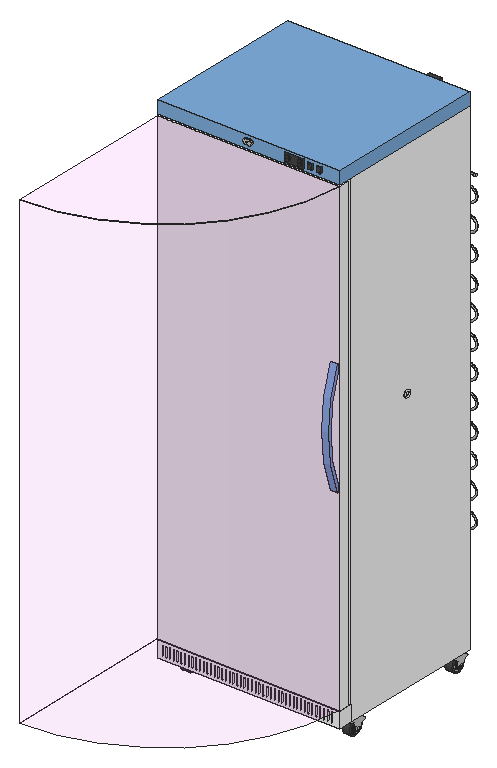
Revit family "QF_Summit_ARS18PV_Pharma_Vac_All_Refrigerator", category Specialty Equipment, Revit 2020 (continued)
Automatic sketch dimensions
  Split face 5 sketch curve to Split face 5 sketch curve = 0.03341"
  Split face 5 sketch curve to Split face 5 sketch curve = 0.02357"
  Split face 5 sketch curve to Split face 5 sketch curve = 0.02858"
  Split face 5 sketch curve to Split face 5 sketch curve = 0.04277"
  Split face 5 sketch curve to Split face 5 sketch curve = 0.00063"
  Split face 5 sketch curve to Split face 5 sketch curve = 0.02096"
  Split face 5 sketch curve to Split face 5 sketch curve = 0.02263"
  Split face 5 sketch curve to Split face 5 sketch curve = 0.02829"
  Split face 5 sketch curve to Split face 5 sketch curve = 0.05231"
  Split face 5 sketch curve to Split face 5 sketch curve = 0.02169"
  Split face 5 sketch curve to Split face 5 sketch curve = 0.02759"
  Split face 5 sketch curve to Split face 5 sketch curve = 0.00044"
  Split face 5 sketch curve to Split face 5 sketch curve = 0.05698"
  Split face 5 sketch curve to Split face 5 sketch curve = 0.02956"
  Split face 5 sketch curve to Split face 5 sketch curve = 0.01975"
  Split face 5 sketch curve to Split face 5 sketch curve = 0.03754"
  Split face 5 sketch curve to Split face 5 sketch curve = 0"  (x5)
  Split face 5 sketch curve to Split face 5 sketch curve = 0.0171"
  Split face 5 sketch curve to Split face 5 sketch curve = 0.12547"
  Split face 5 sketch curve to Split face 5 sketch curve = 0.03468"
  Split face 6 sketch curve to Extrusion 2 = 0.84328"
  Split face 6 sketch curve to Extrusion 2 = 3.51723"
  Split face 7 sketch curve to Extrusion 2 = 0.83375"
  Split face 7 sketch curve to Extrusion 2 = 3.9256"
  Split face 7 sketch curve to Split face 7 sketch curve = 0.02781"
  Split face 7 sketch curve to Split face 7 sketch curve = 0.03195"
  Split face 7 sketch curve to Split face 7 sketch curve = 0.05651"
  Split face 7 sketch curve to Split face 7 sketch curve = 0.0705"
  Split face 7 sketch curve to Split face 7 sketch curve = 0.0326"
  Split face 7 sketch curve to Split face 7 sketch curve = 0.03942"
  Split face 7 sketch curve to Extrusion 2 = 0.47311"
  Split face 8 sketch curve to Extrusion 2 = 0.47576"
  Split face 8 sketch curve to Extrusion 2 = 4.45929"
  Split face 8 sketch curve to Split face 8 sketch curve = 0.03195"
  Split face 8 sketch curve to Split face 8 sketch curve = 0.03942"
  Split face 8 sketch curve to Split face 8 sketch curve = 0.06686"
  Split face 8 sketch curve to Split face 8 sketch curve = 0.06108"
  Split face 8 sketch curve to Split face 8 sketch curve = 0.00386"
  Split face 8 sketch curve to Split face 8 sketch curve = 0.0281"
  Split face 8 sketch curve to Split face 8 sketch curve = 0.03736"
  Split face 8 sketch curve to Split face 8 sketch curve = 0.01483"
  Split face 8 sketch curve to Split face 8 sketch curve = 0.04944"
  Split face 8 sketch curve to Split face 8 sketch curve = 0.07229"
  Split face 8 sketch curve to Split face 8 sketch curve = 0.07649"
  Split face 8 sketch curve to Split face 8 sketch curve = 0.16571"
  Split face 8 sketch curve to Split face 8 sketch curve = 0.11591"
  Split face 8 sketch curve to Split face 8 sketch curve = 0.09007"
  Split face 8 sketch curve to Split face 8 sketch curve = 0.05683"
  Split face 8 sketch curve to Split face 8 sketch curve = 0.18959"
  Split face 8 sketch curve to Split face 8 sketch curve = 0.02222"
  Split face 8 sketch curve to Split face 8 sketch curve = 0.0095"
  Split face 8 sketch curve to Split face 8 sketch curve = 0.02188"
  Split face 8 sketch curve to Split face 8 sketch curve = 0"
  Split face 8 sketch curve to Split face 8 sketch curve = 0.02021"
  Split face 8 sketch curve to Split face 8 sketch curve = 0.1054"
  Extrusion 11 sketch curve to Extrusion 1 = 1.88463"  (x5)
  Extrusion 11 sketch curve to Extrusion 1 = 1.81758"  (x5)
  Extrusion 11 sketch curve to Extrusion 1 = 60 7/8"
  Extrusion 11 sketch curve to Extrusion 11 sketch curve = 0"
  Extrusion 11 sketch curve to Extrusion 11 sketch curve = 12"  (x4)
  Extrusion 11 sketch curve to Extrusion 11 sketch curve = 12.01625"  (x2)
  Extrusion 11 sketch curve to Extrusion 11 sketch curve = 9.98375"  (x2)
  Extrusion 12 sketch curve to Extrusion 12 sketch curve = 0"  (x2)
  Extrusion 1 to Extrusion 12 sketch curve = 10 3/8"
  Extrusion 12 sketch curve to Extrusion 1 = 37 5/8"
  Extrusion 2 to Extrusion 13 sketch curve = 1/4"  (x2)
  Extrusion 13 sketch curve to Extrusion 2 = 6 3/4"
  Extrusion 13 sketch curve to Extrusion 13 sketch curve = 1 3/4"
  Extrusion 14 sketch curve to plane 4 "RIGHT" = 0"
  plane 5 "FRONT" to Extrusion 14 sketch curve = 0"
  plane 4 "RIGHT" to Extrusion 14 sketch curve = 0.04959"
  Extrusion 14 sketch curve to plane 3 "LEFT" = 0.00218"
  Extrusion 14 sketch curve to plane 13 = 0.61036"
  Split face 9 sketch curve to Extrusion 2 = 0.77404"
  Split face 9 sketch curve to Extrusion 2 = 2.1833"
  Split face 9 sketch curve to Split face 9 sketch curve = 0.00447"
  Split face 9 sketch curve to Split face 9 sketch curve = 0.02913"
  Split face 9 sketch curve to Split face 9 sketch curve = 0.06885"
  Split face 9 sketch curve to Split face 9 sketch curve = 0.05632"
  Split face 9 sketch curve to Split face 9 sketch curve = 0.04342"
  Split face 9 sketch curve to Split face 9 sketch curve = 0.04721"
  Split face 9 sketch curve to Split face 9 sketch curve = 0.049"
  Split face 9 sketch curve to Split face 9 sketch curve = 0.02401"
  Split face 9 sketch curve to Split face 9 sketch curve = 0.00357"
  Split face 9 sketch curve to Split face 9 sketch curve = 0.00602"
  Split face 9 sketch curve to Split face 9 sketch curve = 0.03286"
  Split face 9 sketch curve to Split face 9 sketch curve = 0.00635"
  Split face 9 sketch curve to Split face 9 sketch curve = 0.04385"
  Split face 9 sketch curve to Split face 9 sketch curve = 0.03341"
  Split face 9 sketch curve to Split face 9 sketch curve = 0.02357"
  Split face 9 sketch curve to Split face 9 sketch curve = 0.02858"
  Split face 9 sketch curve to Split face 9 sketch curve = 0.04277"
  Split face 9 sketch curve to Split face 9 sketch curve = 0.00063"
  Split face 9 sketch curve to Split face 9 sketch curve = 0.02096"
  Split face 9 sketch curve to Split face 9 sketch curve = 0.02263"
  Split face 9 sketch curve to Split face 9 sketch curve = 0.02829"
  Split face 9 sketch curve to Split face 9 sketch curve = 0.05231"
  Split face 9 sketch curve to Split face 9 sketch curve = 0.02169"
  Split face 9 sketch curve to Split face 9 sketch curve = 0.02759"
  Split face 9 sketch curve to Split face 9 sketch curve = 0.00044"
  Split face 9 sketch curve to Split face 9 sketch curve = 0.05698"
  Split face 9 sketch curve to Split face 9 sketch curve = 0.02956"
  Split face 9 sketch curve to Split face 9 sketch curve = 0.01975"
  Split face 9 sketch curve to Split face 9 sketch curve = 0.03754"
  Split face 9 sketch curve to Split face 9 sketch curve = 0"  (x5)
  Split face 9 sketch curve to Split face 9 sketch curve = 0.0171"
  Split face 9 sketch curve to Split face 9 sketch curve = 0.12547"
  Split face 9 sketch curve to Split face 9 sketch curve = 0.03468"
  Extrusion 10 to Split face 10 sketch curve = 0.01468"
  Extrusion 10 to Split face 10 sketch curve = 0.18593"
  Extrusion 15 sketch curve to Extrusion 1 = 0"  (x4)
  Extrusion 15 sketch curve to Extrusion 1 = 1/16"
  Extrusion 1 to Extrusion 15 sketch curve = 1/16"  (x3)
  Extrusion 16 sketch curve to Extrusion 15 = 0"  (x4)
  Extrusion 15 to Extrusion 16 sketch curve = 13/32"  (x5)
  Extrusion 15 to Extrusion 16 sketch curve = 15/16"
  Extrusion 16 sketch curve to Extrusion 16 sketch curve = 3/32"  (x46)
  Extrusion 16 sketch curve to Extrusion 16 sketch curve = 3/8"  (x42)
  Extrusion 16 sketch curve to Extrusion 16 sketch curve = 15/32"  (x3)
  Extrusion 16 sketch curve to Extrusion 16 sketch curve = 0"  (x85)
  Extrusion 15 to Extrusion 16 sketch curve = 17/32"  (x2)
  Split face 11 sketch curve to Extrusion 2 = 0.69981"
  Split face 11 sketch curve to Extrusion 2 = 4.22664"
  Split face 11 sketch curve to Split face 11 sketch curve = 0.1447"
  Extrusion 17 sketch curve to plane 5 "FRONT" = 0"  (x2)
  plane 8 "Center X" to Extrusion 17 sketch curve = 5.50774"
  Extrusion 17 sketch curve to Extrusion 17 sketch curve = 2.49224"
  plane 9 "Base Height" to Extrusion 17 sketch curve = 31 7/8"
  Extrusion 17 sketch curve to Extrusion 17 sketch curve = 1 1/4"
  Extrusion 17 sketch curve to Extrusion 17 sketch curve = 7 1/2"
  Extrusion 17 sketch curve to Extrusion 17 sketch curve = 0"
  Extrusion 1 to Extrusion 18 sketch curve = 0"
  Extrusion 18 sketch curve to Extrusion 1 = 0"  (x3)
  Extrusion 18 sketch curve to Extrusion 18 sketch curve = 5"
  Extrusion 1 to Extrusion 18 sketch curve = 10 1/8"
  Extrusion 1 to Extrusion 18 sketch curve = 3 5/8"
  Extrusion 18 sketch curve to Extrusion 1 = 1 3/4"
  Extrusion 18 sketch curve to Extrusion 1 = 8 1/4"
  Extrusion 18 sketch curve to Extrusion 18 sketch curve = 7"
  Extrusion 18 sketch curve to Extrusion 18 sketch curve = 8"
  Extrusion 19 sketch curve to Extrusion 1 = 0"  (x4)
  Extrusion 1 to Extrusion 19 sketch curve = 0"  (x2)
  Extrusion 19 sketch curve to Extrusion 19 sketch curve = 1 11/16"  (x2)
  Extrusion 20 sketch curve to Extrusion 3 = 1/2"  (x4)
  Extrusion 20 sketch curve to Extrusion 20 sketch curve = 1/2"  (x2)
  Extrusion 20 sketch curve to Extrusion 3 = 1"  (x2)
  Split face 12 sketch curve to Extrusion 2 = 0.83997"
  Split face 12 sketch curve to Extrusion 2 = 3.64781"
  Split face 12 sketch curve to Extrusion 2 = 0.7258"
  Split face 12 sketch curve to Split face 12 sketch curve = 0.06553"  (x2)
  Split face 12 sketch curve to Extrusion 2 = 0.87779"
  Split face 12 sketch curve to Extrusion 2 = 0.76415"
  Split face 12 sketch curve to Split face 12 sketch curve = 0.06283"
  Split face 12 sketch curve to Extrusion 2 = 0.91058"
  Split face 12 sketch curve to Split face 12 sketch curve = 0.06491"
  Split face 12 sketch curve to Split face 12 sketch curve = 0.06473"
  Split face 12 sketch curve to Extrusion 2 = 0.7991"
  Split face 12 sketch curve to Split face 12 sketch curve = 0.06777"
  Split face 12 sketch curve to Extrusion 2 = 0.7276"
  Split face 12 sketch curve to Split face 12 sketch curve = 0.00013"
  Split face 12 sketch curve to Extrusion 2 = 0.83901"
  Split face 12 sketch curve to Split face 12 sketch curve = 0.06536"
  Split face 12 sketch curve to Split face 12 sketch curve = 0.03528"
  Split face 12 sketch curve to Split face 12 sketch curve = 0.03387"
  Split face 12 sketch curve to Split face 12 sketch curve = 0.07234"
  Split face 12 sketch curve to Split face 12 sketch curve = 0.07543"
  plane 17 to Sweep 21 sketch curve = 0"
  Sweep 21 sketch curve to plane 18 = 0"
  plane 17 to Sweep 21 sketch curve = 0.95416"
  plane 17 to Sweep 21 sketch curve = 0.98532"
  plane 17 to Sweep 21 sketch curve = 0.99524"
  plane 17 to Sweep 21 sketch curve = 0.9955"
  plane 17 to Sweep 21 sketch curve = 0.99909"
  plane 17 to Sweep 21 sketch curve = 1"
  plane 17 to Sweep 21 sketch curve = 1.00025"
  plane 17 to Sweep 21 sketch curve = 1.0125"
  plane 17 to Sweep 21 sketch curve = 1.01275"
  plane 17 to Sweep 21 sketch curve = 1.01663"
  plane 17 to Sweep 21 sketch curve = 1.03006"
  plane 17 to Sweep 21 sketch curve = 1.06016"
  Sweep 21 sketch curve to plane 18 = 1.09407"
  Sweep 21 sketch curve to plane 18 = 1.06457"
  Sweep 21 sketch curve to plane 18 = 1.03401"
  Sweep 21 sketch curve to plane 18 = 1.01809"
  Sweep 21 sketch curve to plane 18 = 1.01668"
  Sweep 21 sketch curve to plane 18 = 1.01609"
  Sweep 21 sketch curve to plane 18 = 1.0159"
  Sweep 21 sketch curve to plane 18 = 1.01065"
  Sweep 21 sketch curve to plane 18 = 1.00037"
  Sweep 21 sketch curve to plane 18 = 1"
  Sweep 21 sketch curve to plane 18 = 0.99956"
  Sweep 21 sketch curve to plane 18 = 0.9852"
  plane 9 "Base Height" to Sweep 21 sketch curve = 15.5483"
  Sweep 21 sketch curve to Sweep 21 sketch curve = 1"  (x23)
  Sweep 21 sketch curve to Sweep 21 sketch curve = 1.06206"
  Sweep 21 sketch curve to profile plane = 3/32"
  profile plane to Sweep 21 sketch curve = 3/32"
  Extrusion 22 sketch curve to plane 3 "LEFT" = 0"
  plane 5 "FRONT" to Extrusion 22 sketch curve = 0"
  Extrusion 22 sketch curve to plane 3 "LEFT" = 0.04959"
  plane 4 "RIGHT" to Extrusion 22 sketch curve = 0.00218"
  plane 13 to Extrusion 22 sketch curve = 0.61036"
  Extrusion 23 sketch curve to plane 5 "FRONT" = 0"  (x2)
  plane 8 "Center X" to Extrusion 23 sketch curve = 5.50774"
  Extrusion 23 sketch curve to Extrusion 23 sketch curve = 2.49224"
  plane 15 to Extrusion 23 sketch curve = 24"
  Extrusion 23 sketch curve to Extrusion 23 sketch curve = 1 1/4"
  Extrusion 23 sketch curve to Extrusion 23 sketch curve = 7 1/2"
  Extrusion 23 sketch curve to Extrusion 23 sketch curve = 0"
  radius of Extrusion 4 sketch curve = 1/4"
  radius of Split face 6 sketch curve = 0.26828"
  radius of Extrusion 11 sketch curve = 1/4"  (x10)
  radius of Extrusion 12 sketch curve = 1/2"
  radius of Extrusion 12 sketch curve = 13/32"
  radius of Split face 10 sketch curve = 0.18692"
  radius of Sweep 21 sketch curve = 3/32"
Nested families (in)
  nested 1: "3 INCHES 01_CASTER" at (26.00804, -3, 0), type "3 INCHES 01_CASTER"
    with Type Mark "", Specification by User "", Revision Code "", Item Number "", Installed By "", Identify Quantity as Lot yes, Furnished By "", Foodservice Equipment Identifier yes, 3 Inches Caster yes
  nested 2: "3 INCHES 01_CASTER" at (1.49196, -3, 0), type "3 INCHES 01_CASTER"
    with Type Mark "", Specification by User "", Revision Code "", Item Number "", Installed By "", Identify Quantity as Lot yes, Furnished By "", Foodservice Equipment Identifier yes, 3 Inches Caster yes
  nested 3: "3 INCHES 01_CASTER" at (26.00804, -22.375, 0), type "3 INCHES 01_CASTER"
    with Type Mark "", Specification by User "", Revision Code "", Item Number "", Installed By "", Identify Quantity as Lot yes, Furnished By "", Foodservice Equipment Identifier yes, 3 Inches Caster yes
  nested 4: "3 INCHES 01_CASTER" at (1.49196, -22.375, 0), type "3 INCHES 01_CASTER"
    with Type Mark "", Specification by User "", Revision Code "", Item Number "", Installed By "", Identify Quantity as Lot yes, Furnished By "", Foodservice Equipment Identifier yes, 3 Inches Caster yes
Connectors (in)
  electrical at (24.97907, -1.4375, 5.95918), driven by "Volts"
    settings: on Extrusion 4, index 1, voltage 115 V, apparent load 0 VA, apparent load phase1 0 VA, apparent load phase2 0 VA, apparent load phase3 0 VA, power factor 1, load classification "Other", number of poles 1, system type 30, power factor state 1, is connector primary yes, connector utility no, sub classification motor no, connector description "Electrical Connection"
Definition of nested family "3 INCHES 01_CASTER"
  Parameters (values of type "3 INCHES 01_CASTER")
    Weight = ""
    URL Manufacturer = ""
    URL Cutsheet = ""
    URL = ""
    Type Mark [instance] = ""
    Specification by User [instance] = ""
    Specification by Manufacturer = ""
    Serial Number = ""
    Seismic Rating = ""
    SMACNA No = ""
    Revision Code [instance] = ""
    Omniclass Number and Title = ""
    NAFEM Spec ID Number = ""
    Model = ""
    MasterSpec. = ""
    Manufacturer = ""
    Item Number [instance] = ""
    Installed By [instance] = ""
    Identify Quantity as Lot [instance] = yes
    Furnished By [instance] = ""
    Foodservice Equipment Identifier [instance] = yes
    Description = ""
    Default Elevation = 0"
    CSI MasterFormat = ""
    CSI Master Format = ""
    Assembly Code = ""
    3 Inches Caster [instance] = yes
  Reference planes (in)
    plane 1: z = 0
    plane 2 "RIGHT": x = 0
    plane 3 "FRONT": y = 0
    plane 4 "TOP": z = 3.125
  Forms (in)
    Revolve 1, solid, visible <- "3 Inches Caster"
      sketch origin (-1.93794, 0.56004, -1.0041) x (1, 0, 0) y (0, 0, 1)
        loop
          line (0.74055, 2.11347) -> (0.74055, 2.03797) -> (0.79055, 1.98797) -> (0.85055, 1.98797) -> (0.85055, 1.8679) -> (1.235, 1.8679) -> (1.235, 1.7068) -> (1.36441, 1.63209) -> (1.4003, 1.41035) -> (1.34375, 1.41035) -> (1.34375, 1.28535) -> (1.375, 1.28535) -> (1.375, 1.0041) -> (2.48438, 1.0041) -> (2.48438, 1.28535) -> (2.51563, 1.28535) -> (2.51563, 1.41035) -> (2.45908, 1.41035) -> (2.49553, 1.6356) -> (2.62438, 1.70999) -> (2.62438, 1.8679) -> (3.04007, 1.8679) -> (3.04007, 1.98797) -> (3.10007, 1.98797) -> (3.15007, 2.03797) -> (3.15007, 2.11347) -> (0.74055, 2.11347)
        axis (0.74055, 2.11347) -> (3.15007, 2.11347)
      angle from 0 to 360
    Extrusion 2, solid, visible <- "3 Inches Caster"
      sketch origin (-1.93794, 1.35294, -3.2541) x (0, 1, 0) y (0, 0, 1)
        loop
          line (-0.41094, 5.86793) -> (-0.41094, 6.01276) -> (-2.29494, 6.01276) -> (-2.29494, 5.71244) -> (-1.82301, 5.71244)
          arc (-1.82301, 5.71244) -> (-1.00307, 5.59865) -> (-0.19592, 5.41488) r 9.6332
          arc (-0.19592, 5.41488) -> (0.12646, 5.29481) -> (0.42224, 5.11916) r 1.92059
          line (0.42224, 5.11916) -> (0.51314, 5.245)
          arc (0.51314, 5.245) -> (0.27353, 5.42569) -> (0.01201, 5.5729) r 2.25036
          line (0.01201, 5.5729) -> (0.09371, 5.71426)
          arc (0.09371, 5.71426) -> (-0.15272, 5.81043) -> (-0.41094, 5.86793) r 1.73151
      from 1.17357 to 2.70231
    Revolve 3, solid, visible <- "3 Inches Caster"
      sketch origin (0, 1.73858, -3.25) x (0, 1, 0) y (0, 0, 1)
        loop
          line (-1.73858, 6.375) -> (-1.73858, 6.00866) -> (-0.93293, 6.00866) -> (-0.93293, 6.375) -> (-1.73858, 6.375)
        axis (-1.73858, 6.00866) -> (-1.73858, 6.375)
      angle from 0 to 360
    Extrusion 4, solid, visible <- "3 Inches Caster"
      sketch origin (-1.98481, 1.35294, -1.7541) x (0, 1, 0) y (0, 0, 1)
        loop
          line (-2.29494, 4.51276) -> (-2.29494, 4.21244) -> (-2.2074, 4.21244)
          arc (-2.2074, 4.21244) -> (-1.58796, 3.87196) -> (-1.3103, 3.22193) r 1.0835
          arc (-1.3103, 3.22193) -> (-1.27304, 2.98711) -> (-1.19616, 2.76214) r 1.38462
          arc (-1.19616, 2.76214) -> (-0.77704, 2.49744) -> (-0.37393, 2.78593) r 0.44401
          arc (-0.37393, 2.78593) -> (-0.35491, 2.84407) -> (-0.34077, 2.90358) r 0.74034
          arc (-0.34077, 2.90358) -> (-0.07302, 3.38916) -> (0.4279, 3.62699) r 0.90376
          line (0.4279, 3.62699) -> (0.51314, 3.745)
          arc (0.51314, 3.745) -> (0.27353, 3.92569) -> (0.01201, 4.0729) r 2.25036
          line (0.01201, 4.0729) -> (0.09371, 4.21426)
          arc (0.09371, 4.21426) -> (-0.15272, 4.31043) -> (-0.41094, 4.36793) r 1.73151
          line (-0.41094, 4.36793) -> (-0.41094, 4.51276) -> (-2.29494, 4.51276)
      from 2.74918 to 2.90825
    Extrusion 5, solid, visible <- "3 Inches Caster"
      sketch origin (1.98481, 1.35294, -1.7541) x (0, 1, 0) y (0, 0, -1)
        loop
          line (-2.29494, -4.51276) -> (-0.41094, -4.51276) -> (-0.41094, -4.36793)
          arc (-0.41094, -4.36793) -> (-0.15272, -4.31043) -> (0.09371, -4.21426) r 1.73151
          line (0.09371, -4.21426) -> (0.01201, -4.0729)
          arc (0.01201, -4.0729) -> (0.27353, -3.92569) -> (0.51314, -3.745) r 2.25036
          line (0.51314, -3.745) -> (0.4279, -3.62699)
          arc (0.4279, -3.62699) -> (-0.07302, -3.38916) -> (-0.34077, -2.90358) r 0.90376
          arc (-0.34077, -2.90358) -> (-0.35491, -2.84407) -> (-0.37393, -2.78593) r 0.74034
          arc (-0.37393, -2.78593) -> (-0.77704, -2.49744) -> (-1.19616, -2.76214) r 0.44401
          arc (-1.19616, -2.76214) -> (-1.27304, -2.98711) -> (-1.3103, -3.22193) r 1.38462
          arc (-1.3103, -3.22193) -> (-1.58796, -3.87196) -> (-2.2074, -4.21244) r 1.0835
          line (-2.2074, -4.21244) -> (-2.29494, -4.21244) -> (-2.29494, -4.51276)
      from 2.74918 to 2.90825
  Cuts and joins
    joined: Extrusion 2, Extrusion 4, Extrusion 5
  Lines and regions (in)
    symbolic lines, visible <- "3 Inches Caster"
      curve 1: line (0.1877, 1.65194, 0) -> (0.89063, 1.2461, 0)
      curve 2: line (-1.00175, -0.40823, 0) -> (0.1877, 1.65194, 0)
      curve 3: line (-0.29881, -0.81407, 0) -> (-1.00175, -0.40823, 0)
      curve 4: line (0.89063, 1.2461, 0) -> (-0.29881, -0.81407, 0)
  Dimensions and locks (in)
    plane 4 "TOP" to level = 3 1/8"  (x2)
    aligned and locked: level to plane 1
